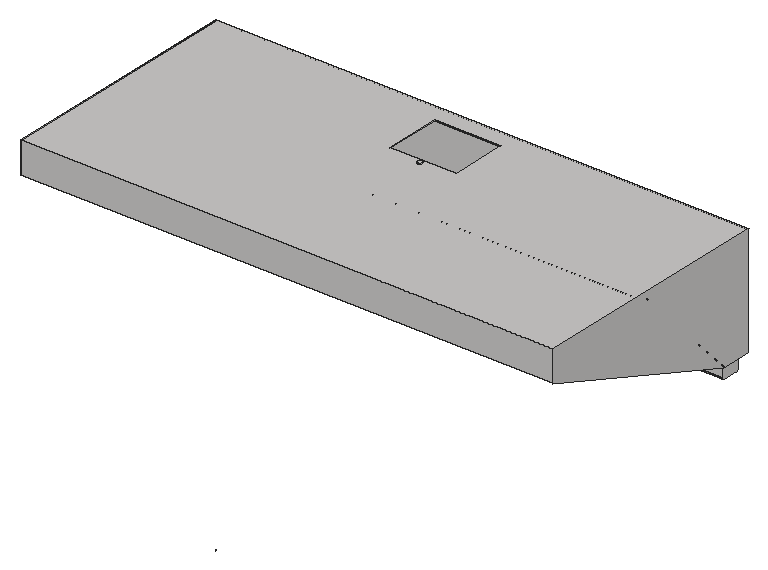
Revit family "QF_ELECTROLUXPROFESSIONAL_644215_AMPV1124DT", category Attrezzature speciali, Revit 2021
Family settings
  Quota connettore circolare = Usa diametro
  Tipo di parte = Normale
  Basato su piano di lavoro = No
  Sempre verticale = Sì
  Taglio con vuoti quando caricato = No
  Condiviso = No
  Punto di calcolo locali = No
Parameters (values of type "Standard")
  Weight = 73.00 kg
  Watts = 420 W
  Volts = 220 V
  URL Manufacturer = "https://www.electroluxprofessional.com/"
  URL = "https://www.electroluxprofessional.com/"
  Steam Supply Size = 0 mm
  Steam Supply Minimum Pressure = 0.0 Pa
  Steam Supply Maximum Pressure = 0.0 Pa
  Steam Consumption per Hour = 0
  Refrigeration Suction Line Size = 0 mm
  Refrigeration Liquid Line Size = 0 mm
  Refrigerant Compressor Remote = yes
  Prospetto di default = 0 mm
  Produttore = "Electrolux Professional"
  Phase = 1
  Modello = "AMPV1124DT"
  Length Actual = 2400 mm  # constant formula
  Item Number = "644215"
  Hot Water Size = 0 mm
  Height Actual = 500 mm  # constant formula
  HP = "0.6 HP"
  Gas Size = 0 mm
  Gas KW = 0
  Gas Input Pressure = 0 W
  Direct Waste Size = 0 mm
  Descrizione = "304 S/S WALL HOOD+FILTERS+FAN 2400X1100"
  Depth Actual = 1100 mm  # constant formula
  Cycle = 50 Hz
  Condensate Return Size = 0 mm
  Compressed Air Volume = 0.0 L/s
  Compressed Air Size = 0 mm
  Compressed Air Pressure = 0.0 Pa
  Cold Water Size = 0 mm
  Accessory = yes
Reference planes
  plane 1 "Center (Front/Back)": y = 0
  plane 2: z = 0
  plane 3 "Center (Left/Right)": x = 150
  plane 4 "LEFT": x = -1050
  plane 5 "RIGHT": x = 1350
  plane 6 "BACK": y = 550
  plane 7 "FRONT": y = -550
  plane 8 "Plane": z = 2000
  plane 9 "TOP": z = 2140
  plane 10 "Base": z = 1640
  plane 11: z = 1566
  plane 12 "DrainY": y = 485
  plane 13: x = -1047
  plane 14: through (0, 414.509, 1640.8) normal (0, 0.7314, 0.682)
  plane 15: y = 470
  plane 16: y = 220
  plane 17 "DrainX": x = 1230
  plane 18: x = 300
  plane 19: x = 0
  plane 20: x = 1347
  plane 21: x = 1140
  plane 22: x = 1320
  plane 23: x = -1010
  plane 24: x = -645
  plane 25: x = -450
  plane 26: x = 1310
  plane 27: x = 945
  plane 28: x = 750
  plane 29: x = -47.5
  plane 30: x = 347.5
  plane 31: y = 200
Forms (mm)
  Extrusion 1, solid, material "QF_Finishes_Stainless Steel"
    sketch origin (-1050, 0, 0) x (0, 1, 0) y (0, 0, 1)
      loop
        line (550, 1640) -> (550, 2140) -> (-550, 2140) -> (-550, 1999.112) -> (413.973, 1640) -> (550, 1640)
    from 0 to 3
  Extrusion 2, solid, material "QF_Finishes_Stainless Steel"
    sketch origin (150, 0, 0) x (0, 1, 0) y (0, 0, 1)
      loop
        line (415.255, 1640) -> (550, 1640) -> (550, 2139.19) -> (549.2, 2139.19) -> (549.2, 1640.8) -> (415.876, 1640.8) -> (339.347, 1722.867) -> (349.609, 1732.436) -> (348.927, 1733.167) -> (337.934, 1722.917) -> (415.255, 1640)
      loop
        line (-82.203, 2139.19) -> (-82.203, 2118.6) -> (-31.047, 2118.6) -> (34.354, 2048.466) -> (46.028, 2059.352) -> (45.346, 2060.083) -> (34.403, 2049.879) -> (-30.612, 2119.6) -> (-81.203, 2119.6) -> (-81.203, 2139.19) -> (-82.203, 2139.19)
    from -1197 to 1197
  Extrusion 3, solid, material "QF_Finishes_Stainless Steel"
    sketch origin (1350, 0, 0) x (0, 1, 0) y (0, 0, 1)
      loop
        line (550, 1640) -> (550, 2140) -> (-550, 2140) -> (-550, 1999.112) -> (413.973, 1640) -> (550, 1640)
    from 0 to -3
  Extrusion 4, solid, material "QF_Finishes_Stainless Steel"
    sketch origin (150, 0, 0) x (0, 1, 0) y (0, 0, 1)
      loop
        line (-550, 2140) -> (-550, 2000) -> (-549.2, 2000) -> (-549.2, 2139.19) -> (550, 2139.19) -> (550, 2140) -> (-550, 2140)
    from -1200 to 1200
  Extrusion 5, solid, material "QF_Finishes_Stainless Steel"
    sketch origin (150, 0, 0) x (0, 1, 0) y (0, 0, 1)
      loop
        line (534, 1640) -> (436, 1640) -> (436, 1627) -> (443.5, 1627) -> (443.5, 1576)
        arc (443.5, 1576) -> (446.429, 1568.929) -> (453.5, 1566) r 10
        line (453.5, 1566) -> (516.5, 1566)
        arc (516.5, 1566) -> (523.571, 1568.929) -> (526.5, 1576) r 10
        line (526.5, 1576) -> (526.5, 1627) -> (534, 1627) -> (534, 1640)
    from 990 to 1170
  Extrusion 6, solid, material "QF_Finishes_Stainless Steel"
    sketch origin (0, 0, 1640) x (0, 1, 0) y (-1, 0, 0)
      loop
        circle (485, -1230) r 20
    from -76 to -74
  Extrusion 7, solid, material "QF_Finished_Chrome"
    sketch origin (150, 0, 0) x (0, 1, 0) y (0, 0, 1)
      loop
        line (337.934, 1722.917) -> (341.591, 1726.327) -> (38.011, 2051.876) -> (34.354, 2048.466) -> (337.934, 1722.917)
    from -795 to -1160
  Extrusion 8, solid, material "QF_Finished_Chrome"
    sketch origin (150, 0, 0) x (0, 1, 0) y (0, 0, 1)
      loop
        line (337.934, 1722.917) -> (341.591, 1726.327) -> (38.011, 2051.876) -> (34.354, 2048.466) -> (337.934, 1722.917)
    from -197.5 to -600
  Extrusion 9, solid, material "QF_Finishes_Stainless Steel"
    sketch origin (150, 0, 0) x (0, 1, 0) y (0, 0, 1)
      loop
        line (337.934, 1722.917) -> (341.591, 1726.327) -> (38.011, 2051.876) -> (34.354, 2048.466) -> (337.934, 1722.917)
    from 1197 to 1160
  Extrusion 10, solid, material "QF_Finishes_Stainless Steel"
    sketch origin (150, 0, 0) x (0, 1, 0) y (0, 0, 1)
      loop
        line (341.588, 1726.324) -> (38.009, 2051.874) -> (34.354, 2048.466) -> (337.934, 1722.917) -> (341.588, 1726.324)
    from -795 to -600
  Extrusion 11, solid, material "QF_Finished_Chrome"
    sketch origin (150, 0, 0) x (0, 1, 0) y (0, 0, 1)
      loop
        line (341.588, 1726.324) -> (38.009, 2051.874) -> (34.354, 2048.466) -> (337.934, 1722.917) -> (341.588, 1726.324)
    from 795 to 1160
  Extrusion 12, void
    sketch origin (0, 0, 2140) x (0, 1, 0) y (-1, 0, 0)
      loop
        line (470, 0) -> (220, 0) -> (220, -300) -> (470, -300) -> (470, 0)
    from 0 to -10
  Extrusion 13, solid, material "QF_Finishes_Stainless Steel"
    sketch origin (0, 0, 0) x (1, 0, 0) y (0, 1, 0)
      loop
        line (-1050, 550) -> (-1050, 549) -> (-1049, 549) -> (-1049, 550) -> (-1050, 550)
    from 0 to 1
  Extrusion 14, solid, material "QF_Finishes_Stainless Steel"
    sketch origin (150, 0, 0) x (0, 1, 0) y (0, 0, 1)
      loop
        line (337.934, 1722.917) -> (341.591, 1726.327) -> (38.011, 2051.876) -> (34.354, 2048.466) -> (337.934, 1722.917)
    from -1160 to -1197
  Extrusion 15, solid, material "QF_Finishes_Stainless Steel"
    sketch origin (150, 0, 0) x (0, 1, 0) y (0, 0, -1)
      loop
        line (341.588, -1726.324) -> (337.934, -1722.917) -> (34.354, -2048.466) -> (38.009, -2051.874) -> (341.588, -1726.324)
    from -795 to -600
  Extrusion 16, solid, material "QF_Finished_Chrome"
    sketch origin (150, 0, 0) x (0, 1, 0) y (0, 0, 1)
      loop
        line (337.934, 1722.917) -> (341.591, 1726.327) -> (38.011, 2051.876) -> (34.354, 2048.466) -> (337.934, 1722.917)
    from 600 to 197.5
  Extrusion 17, solid, material "QF_Finishes_Stainless Steel"
    sketch origin (150, 0, 0) x (0, 1, 0) y (0, 0, -1)
      loop
        line (341.588, -1726.324) -> (337.934, -1722.917) -> (34.354, -2048.466) -> (38.009, -2051.874) -> (341.588, -1726.324)
    from -197.5 to 197.5
  Extrusion 18, solid, material "QF_Finishes_Stainless Steel"
    sketch origin (0, 0, 2140) x (0, 1, 0) y (-1, 0, 0)
      loop
        circle (200, -150) r 10
    from 0 to 1.6
Cuts and joins
  Extrusion 12 cuts Extrusion 4
  joined: Extrusion 2, Extrusion 4
Lines and regions (mm)
  reference lines
    curve 1: line (150, 34.354, 2048.466) -> (150, 34.354, 1888.466)
  symbolic lines, style "SpecialityEquipment", detail levels coarse
    curve 2: line (1350, 550, 2140) -> (-1050, 550, 2140)
    curve 3: line (-1050, 550, 2140) -> (-1050, -550, 2140)
    curve 4: line (1350, -550, 2140) -> (1350, 550, 2140)
    curve 5: line (-1050, -550, 2140) -> (1350, -550, 2140)
    curve 6: line (0, 220, 2140) -> (300, 220, 2140)
    curve 7: line (0, 470, 2140) -> (0, 220, 2140)
    curve 8: line (300, 470, 2140) -> (0, 470, 2140)
    curve 9: line (300, 220, 2140) -> (300, 470, 2140)
    curve 10: line (-1050, 550, 0) -> (1350, -550, 0)
    curve 11: line (1350, 550, 0) -> (-1050, -550, 0)
Dimensions and locks
  plane 4 "LEFT" to plane 5 "RIGHT" = 2400 mm
  equal spacing: plane 4 "LEFT", plane 3 "Center (Left/Right)", plane 5 "RIGHT"
  locked: plane 8 "Plane" to level at 2000
  plane 9 "TOP" to plane 8 "Plane" = 140 mm
  locked: plane 9 "TOP" to plane 10 "Base" at 500
  plane 10 "Base" to plane 11 = 74 mm
  plane 6 "BACK" to plane 12 "DrainY" = 65 mm  (x2)
  plane 4 "LEFT" to plane 13 = 3 mm
  plane 6 "BACK" to plane 15 = 80 mm
  plane 15 to plane 16 = 250 mm  (x2)
  plane 17 "DrainX" to plane 5 "RIGHT" = 120 mm
  plane 20 to plane 5 "RIGHT" = 3 mm
  locked: plane 21 to plane 17 "DrainX" at 90
  locked: plane 17 "DrainX" to plane 22 at 90
  plane 6 "BACK" to plane 7 "FRONT" = 1100 mm  (x2)
  equal spacing: plane 6 "BACK", plane 1 "Center (Front/Back)", plane 7 "FRONT"
  plane 16 to plane 7 "FRONT" = 770 mm
  plane 15 to plane 6 "BACK" = 80 mm
  locked: plane 4 "LEFT" to plane 23 at 40
  locked: plane 23 to plane 24 at 365
  locked: plane 24 to plane 25 at 195
  locked: plane 26 to plane 27 at 365
  locked: plane 27 to plane 28 at 195
  locked: plane 26 to plane 5 "RIGHT" at 40
  locked: plane 29 to plane 30 at 395
  equal spacing: plane 29, plane 3 "Center (Left/Right)", plane 30
  locked: plane 19 to plane 18 at 300
  equal spacing: plane 19, plane 3 "Center (Left/Right)", plane 18
  plane 25 to plane 29 = 402.5 mm
  plane 30 to plane 28 = 402.5 mm
  plane 16 to plane 31 = 20 mm
  aligned and locked: level to plane 2
  aligned and locked: Extrusion 2 to Extrusion 1
  aligned and locked: Extrusion 2 to Extrusion 3
  aligned and locked: plane 5 "RIGHT" to Extrusion 4
  aligned and locked: Extrusion 4 to plane 4 "LEFT"
  aligned and locked: plane 20 to Extrusion 9
  aligned and locked: plane 19 to Extrusion 12
  aligned and locked: Extrusion 12 to plane 18
  aligned and locked: Extrusion 12 to plane 16
  aligned and locked: Extrusion 12 to plane 15
  aligned and locked: Extrusion 2 to Extrusion 4
  aligned and locked: plane 22 to Extrusion 5
  aligned and locked: Extrusion 5 to plane 21
  aligned and locked: Extrusion 9 to plane 26
  aligned and locked: Extrusion 11 to plane 26
  aligned and locked: Extrusion 11 to plane 27
  aligned and locked: Extrusion 8 to plane 25
  aligned and locked: plane 25 to Extrusion 10
  aligned and locked: Extrusion 10 to plane 24
  aligned and locked: plane 24 to Extrusion 7
  aligned and locked: Extrusion 7 to plane 23
  aligned and locked: Extrusion 14 to plane 13
  aligned and locked: plane 23 to Extrusion 14
  aligned and locked: Extrusion 15 to plane 28
  aligned and locked: Extrusion 15 to plane 27
  aligned and locked: Extrusion 3 to plane 20
  aligned and locked: plane 29 to Extrusion 8
  aligned and locked: Extrusion 16 to plane 28
  aligned and locked: Extrusion 16 to plane 30
  aligned and locked: plane 30 to Extrusion 17
  aligned and locked: Extrusion 17 to plane 29
Automatic sketch dimensions
  curve 5 to plane 4 "LEFT" = 0 mm
  curve 5 to plane 7 "FRONT" = 0 mm
  curve 9 to plane 16 = 0 mm
  plane 15 to curve 8 = 0 mm
  curve 3 to plane 6 "BACK" = 0 mm
  curve 5 to plane 5 "RIGHT" = 0 mm
  curve 6 to plane 18 = 0 mm
  curve 6 to plane 19 = 0 mm
  Extrusion 1 sketch curve to plane 7 "FRONT" = 0 mm
  Extrusion 1 sketch curve to plane 10 "Base" = 0 mm
  Extrusion 1 sketch curve to plane 6 "BACK" = 0 mm
  Extrusion 1 sketch curve to plane 9 "TOP" = 0 mm
  plane 15 to Extrusion 1 sketch curve = 56.027 mm
  Extrusion 1 sketch curve to plane 8 "Plane" = 0.888 mm
  Extrusion 2 sketch curve to plane 14 = 0 mm  (x3)
  Extrusion 2 sketch curve to plane 10 "Base" = 0 mm
  plane 14 to Extrusion 2 sketch curve = 0 mm
  Extrusion 2 sketch curve to plane 6 "BACK" = 0 mm
  Extrusion 2 sketch curve to Extrusion 2 sketch curve = 65.646 mm
  Extrusion 2 sketch curve to Extrusion 2 sketch curve = 0.682 mm  (x2)
  Extrusion 2 sketch curve to Extrusion 2 sketch curve = 10.261 mm
  plane 10 "Base" to Extrusion 2 sketch curve = 82.917 mm
  Extrusion 2 sketch curve to plane 1 "Center (Front/Back)" = 46.028 mm
  Extrusion 2 sketch curve to Extrusion 2 sketch curve = 10.942 mm
  Extrusion 2 sketch curve to Extrusion 2 sketch curve = 0.049 mm
  Extrusion 2 sketch curve to plane 9 "TOP" = 20.4 mm
  Extrusion 2 sketch curve to plane 9 "TOP" = 21.4 mm
  Extrusion 2 sketch curve to plane 9 "TOP" = 0.81 mm  (x2)
  Extrusion 2 sketch curve to Extrusion 2 sketch curve = 50.156 mm
  Extrusion 2 sketch curve to Extrusion 2 sketch curve = 1 mm
  plane 10 "Base" to Extrusion 2 sketch curve = 0.8 mm
  Extrusion 2 sketch curve to plane 6 "BACK" = 0.8 mm
  Extrusion 3 sketch curve to plane 7 "FRONT" = 0 mm
  Extrusion 3 sketch curve to plane 10 "Base" = 0 mm
  Extrusion 3 sketch curve to plane 6 "BACK" = 0 mm
  Extrusion 3 sketch curve to plane 9 "TOP" = 0 mm
  plane 15 to Extrusion 3 sketch curve = 56.027 mm
  Extrusion 3 sketch curve to plane 8 "Plane" = 0.888 mm
  Extrusion 4 sketch curve to plane 7 "FRONT" = 0 mm
  Extrusion 4 sketch curve to plane 8 "Plane" = 0 mm
  Extrusion 4 sketch curve to plane 6 "BACK" = 0 mm
  Extrusion 4 sketch curve to plane 9 "TOP" = 0 mm
  plane 7 "FRONT" to Extrusion 4 sketch curve = 0.8 mm
  Extrusion 4 sketch curve to plane 9 "TOP" = 0.81 mm
  curve 1 to plane 14 = 0 mm
  curve 1 to plane 1 "Center (Front/Back)" = 34.354 mm
  curve 1 to plane 8 "Plane" = 111.534 mm
  Extrusion 5 sketch curve to plane 10 "Base" = 0 mm
  Extrusion 5 sketch curve to plane 11 = 0 mm
  Extrusion 5 sketch curve to plane 10 "Base" = 13 mm  (x2)
  plane 15 to Extrusion 5 sketch curve = 34 mm
  Extrusion 5 sketch curve to Extrusion 5 sketch curve = 7.5 mm  (x2)
  Extrusion 5 sketch curve to Extrusion 5 sketch curve = 10 mm
  plane 12 "DrainY" to Extrusion 5 sketch curve = 31.5 mm
  Extrusion 5 sketch curve to plane 6 "BACK" = 23.5 mm
  Extrusion 6 sketch curve to plane 12 "DrainY" = 0 mm
  Extrusion 6 sketch curve to plane 17 "DrainX" = 0 mm
  Extrusion 7 sketch curve to plane 14 = 0 mm  (x2)
  Extrusion 7 sketch curve to plane 1 "Center (Front/Back)" = 34.354 mm
  Extrusion 7 sketch curve to Extrusion 7 sketch curve = 3.657 mm
  plane 10 "Base" to Extrusion 7 sketch curve = 82.917 mm
  Extrusion 8 sketch curve to plane 14 = 0 mm  (x2)
  Extrusion 8 sketch curve to plane 1 "Center (Front/Back)" = 34.354 mm
  Extrusion 8 sketch curve to Extrusion 8 sketch curve = 3.657 mm
  plane 10 "Base" to Extrusion 8 sketch curve = 82.917 mm
  Extrusion 9 sketch curve to plane 14 = 0 mm  (x2)
  Extrusion 9 sketch curve to plane 1 "Center (Front/Back)" = 34.354 mm
  Extrusion 9 sketch curve to Extrusion 9 sketch curve = 3.657 mm
  plane 10 "Base" to Extrusion 9 sketch curve = 82.917 mm
  Extrusion 10 sketch curve to plane 14 = 0 mm  (x2)
  Extrusion 10 sketch curve to plane 1 "Center (Front/Back)" = 34.354 mm
  Extrusion 10 sketch curve to Extrusion 10 sketch curve = 3.655 mm
  plane 10 "Base" to Extrusion 10 sketch curve = 82.917 mm
  Extrusion 11 sketch curve to plane 14 = 0 mm  (x2)
  Extrusion 11 sketch curve to plane 1 "Center (Front/Back)" = 34.354 mm
  Extrusion 11 sketch curve to Extrusion 11 sketch curve = 3.655 mm
  plane 10 "Base" to Extrusion 11 sketch curve = 82.917 mm
  Extrusion 12 sketch curve to plane 16 = 0 mm
  plane 15 to Extrusion 12 sketch curve = 0 mm
  Extrusion 12 sketch curve to plane 18 = 0 mm
  Extrusion 12 sketch curve to plane 19 = 0 mm
  Extrusion 13 sketch curve to plane 4 "LEFT" = 0 mm
  Extrusion 13 sketch curve to plane 6 "BACK" = 0 mm
  plane 4 "LEFT" to Extrusion 13 sketch curve = 1 mm
  Extrusion 13 sketch curve to Extrusion 13 sketch curve = 1 mm
  Extrusion 14 sketch curve to plane 14 = 0 mm  (x2)
  Extrusion 14 sketch curve to plane 1 "Center (Front/Back)" = 34.354 mm
  Extrusion 14 sketch curve to Extrusion 14 sketch curve = 3.657 mm
  plane 10 "Base" to Extrusion 14 sketch curve = 82.917 mm
  Extrusion 15 sketch curve to plane 14 = 0 mm  (x2)
  Extrusion 15 sketch curve to plane 1 "Center (Front/Back)" = 34.354 mm
  Extrusion 15 sketch curve to Extrusion 15 sketch curve = 3.655 mm
  plane 10 "Base" to Extrusion 15 sketch curve = 82.917 mm
  Extrusion 16 sketch curve to plane 14 = 0 mm  (x2)
  Extrusion 16 sketch curve to plane 1 "Center (Front/Back)" = 34.354 mm
  Extrusion 16 sketch curve to Extrusion 16 sketch curve = 3.657 mm
  plane 10 "Base" to Extrusion 16 sketch curve = 82.917 mm
  Extrusion 17 sketch curve to plane 14 = 0 mm  (x2)
  Extrusion 17 sketch curve to plane 1 "Center (Front/Back)" = 34.354 mm
  Extrusion 17 sketch curve to Extrusion 17 sketch curve = 3.655 mm
  plane 10 "Base" to Extrusion 17 sketch curve = 82.917 mm
  curve 11 to plane 4 "LEFT" = 0 mm
  curve 10 to plane 4 "LEFT" = 0 mm
  curve 11 to plane 5 "RIGHT" = 0 mm
  curve 10 to plane 5 "RIGHT" = 0 mm
  curve 10 to plane 7 "FRONT" = 0 mm
  curve 11 to plane 7 "FRONT" = 0 mm
  curve 11 to plane 6 "BACK" = 0 mm
  curve 10 to plane 6 "BACK" = 0 mm
  Extrusion 18 sketch curve to plane 3 "Center (Left/Right)" = 0 mm
  Extrusion 18 sketch curve to plane 31 = 0 mm
  radius of Extrusion 6 sketch curve = 20 mm
  radius of Extrusion 18 sketch curve = 10 mm
Connectors
  piping at (1230, 485, 1564), diameter 20
    settings: on Extrusion 6, index 1, connector inside diameter 609.6 mm, connector length 0 mm, flow factor 0, pipe flow 0.0 L/s, pressure drop 0.0 Pa, fitting loss kfactor 0, connector angle 0.00°, fixture units 0, engagement length 0 mm, angle of deflection 0.00°, flow configuration 1, flow direction 2, fitting loss method 0, system type 16, joint type 0, gender type 0, connector reference index -1, connector utility 0, adjustable connector no, is connector primary yes, connector description "Drain"
  hvac at (150, 345, 2140)
    settings: on Extrusion 12, index 2, duct flow 0.0 L/s, flow factor 0, pres drop 0.0 Pa, loss coef 0, conn angle 0.00°, conn width 250 mm, conn height 300 mm, conn diameter 609.6 mm, duct sys type 3, conn prof type 1, flow config 1, flow direction 2, loss method 0, conn ref index -1, conn util no, is conn primary yes, conn desc "EXHAUST OUTLET"
  electrical at (150, 200, 2141.6), driven by "Volts"
    settings: on Extrusion 18, index 3, voltage 220 V, apparent load 0 VA, apparent load phase1 0 VA, apparent load phase2 0 VA, apparent load phase3 0 VA, power factor 1, load classification "Other", number of poles 1, system type 30, power factor state 1, is connector primary yes, connector utility no, sub classification motor no, connector description "Electrical Connection"
